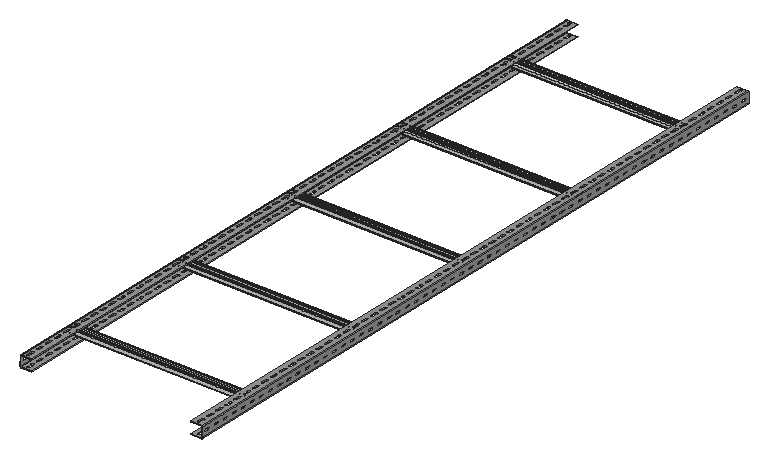
Revit family "steigeleiter_8_FT_FTSO_FTK_A2_A4.800rfa", category Generic Models, Revit 2017 (continued)
Dimensions and locks
  locked: Extrusion 321 sketch curve to Extrusion 321 sketch curve at 11
  locked: Extrusion 322 sketch curve to Extrusion 322 sketch curve at 11
  locked: Extrusion 323 sketch curve to Extrusion 323 sketch curve at 11
  locked: Extrusion 324 sketch curve to Extrusion 324 sketch curve at 11
  locked: Extrusion 325 sketch curve to Extrusion 325 sketch curve at 11
  locked: Extrusion 326 sketch curve to Extrusion 326 sketch curve at 11
  locked: Extrusion 327 sketch curve to Extrusion 327 sketch curve at 11
  locked: Extrusion 328 sketch curve to Extrusion 328 sketch curve at 11
  locked: Extrusion 329 sketch curve to Extrusion 329 sketch curve at 11
  locked: Extrusion 330 sketch curve to Extrusion 330 sketch curve at 11
  locked: Extrusion 331 sketch curve to Extrusion 331 sketch curve at 11
  locked: Extrusion 332 sketch curve to Extrusion 332 sketch curve at 11
  locked: Extrusion 333 sketch curve to Extrusion 333 sketch curve at 11
  locked: Extrusion 334 sketch curve to Extrusion 334 sketch curve at 11
  locked: Extrusion 335 sketch curve to Extrusion 335 sketch curve at 11
  locked: Extrusion 336 sketch curve to Extrusion 336 sketch curve at 11
  locked: Extrusion 337 sketch curve to Extrusion 337 sketch curve at 11
  locked: Extrusion 338 sketch curve to Extrusion 338 sketch curve at 11
  locked: Extrusion 339 sketch curve to Extrusion 339 sketch curve at 11
  locked: Extrusion 340 sketch curve to Extrusion 340 sketch curve at 11
  locked: Extrusion 341 sketch curve to Extrusion 341 sketch curve at 11
  locked: Extrusion 342 sketch curve to Extrusion 342 sketch curve at 11
  locked: Extrusion 343 sketch curve to Extrusion 343 sketch curve at 11
  locked: Extrusion 344 sketch curve to Extrusion 344 sketch curve at 11
  locked: Extrusion 345 sketch curve to Extrusion 345 sketch curve at 11
  locked: Extrusion 346 sketch curve to Extrusion 346 sketch curve at 11
  locked: Extrusion 347 sketch curve to Extrusion 347 sketch curve at 11
  locked: Extrusion 348 sketch curve to Extrusion 348 sketch curve at 11
  locked: Extrusion 349 sketch curve to Extrusion 349 sketch curve at 11
  locked: Extrusion 350 sketch curve to Extrusion 350 sketch curve at 11
  locked: Extrusion 351 sketch curve to Extrusion 351 sketch curve at 11
  locked: Extrusion 352 sketch curve to Extrusion 352 sketch curve at 11
  locked: Extrusion 353 sketch curve to Extrusion 353 sketch curve at 11
  locked: Extrusion 354 sketch curve to Extrusion 354 sketch curve at 11
  locked: Extrusion 355 sketch curve to Extrusion 355 sketch curve at 11
  locked: Extrusion 356 sketch curve to Extrusion 356 sketch curve at 11
  locked: Extrusion 357 sketch curve to Extrusion 357 sketch curve at 11
  locked: Extrusion 358 sketch curve to Extrusion 358 sketch curve at 11
  locked: Extrusion 359 sketch curve to Extrusion 359 sketch curve at 11
  locked: Extrusion 360 sketch curve to Extrusion 360 sketch curve at 11
  "Length 2": plane 1 "Center (Front/Back)" to plane 6
  locked: Extrusion 361 sketch curve to Extrusion 361 sketch curve at 2  (x5)
  locked: Extrusion 361 sketch curve to Extrusion 361 sketch curve at 15  (x2)
  Extrusion 361 sketch curve to cut or joined group 1 (Extrusion 1, Extrusion 2, Extrusion 3, Extrusion 4, Extrusion 5, Extrusion 6, Extrusion 7, Extrusion 8, Extrusion 9, Extrusion 10, Extrusion 11, Extrusion 12, Extrusion 13, Extrusion 14, Extrusion 15, Extrusion 16, Extrusion 17, Extrusion 18, Extrusion 19, Extrusion 20, Extrusion 21, Extrusion 22, Extrusion 23, Extrusion 24, Extrusion 25, Extrusion 26, Extrusion 27, Extrusion 28, Extrusion 29, Extrusion 30, Extrusion 31, Extrusion 32, Extrusion 33, Extrusion 34, Extrusion 35, Extrusion 36, Extrusion 37, Extrusion 38, Extrusion 39, Extrusion 40, Extrusion 41, Extrusion 42, Extrusion 43, Extrusion 44, Extrusion 45, Extrusion 46, Extrusion 47, Extrusion 48, Extrusion 49, Extrusion 50, Extrusion 51, Extrusion 52, Extrusion 53, Extrusion 54, Extrusion 55, Extrusion 56, Extrusion 57, Extrusion 58, Extrusion 59, Extrusion 60, Extrusion 61, Extrusion 62, Extrusion 63, Extrusion 64, Extrusion 65, Extrusion 66, Extrusion 67, Extrusion 68, Extrusion 69, Extrusion 70, Extrusion 71, Extrusion 72, Extrusion 73, Extrusion 74, Extrusion 75, Extrusion 76, Extrusion 77, Extrusion 78, Extrusion 79, Extrusion 80, Extrusion 81, Extrusion 82, Extrusion 83, Extrusion 84, Extrusion 85, Extrusion 86, Extrusion 87, Extrusion 88, Extrusion 89, Extrusion 90, Extrusion 91, Extrusion 92, Extrusion 93, Extrusion 94, Extrusion 95, Extrusion 96, Extrusion 97, Extrusion 98, Extrusion 99, Extrusion 100, Extrusion 101, Extrusion 102, Extrusion 103, Extrusion 104, Extrusion 105, Extrusion 106, Extrusion 107, Extrusion 108, Extrusion 109, Extrusion 110, Extrusion 111, Extrusion 112, Extrusion 113, Extrusion 114, Extrusion 115, Extrusion 116, Extrusion 117, Extrusion 118, Extrusion 119, Extrusion 120, Extrusion 121, Extrusion 122, Extrusion 123, Extrusion 124, Extrusion 125, Extrusion 126, Extrusion 127, Extrusion 128, Extrusion 129, Extrusion 130, Extrusion 131, Extrusion 132, Extrusion 133, Extrusion 134, Extrusion 135, Extrusion 136, Extrusion 137, Extrusion 138, Extrusion 139, Extrusion 140, Extrusion 141, Extrusion 142, Extrusion 143, Extrusion 144, Extrusion 145, Extrusion 146, Extrusion 147, Extrusion 148, Extrusion 149, Extrusion 150, Extrusion 151, Extrusion 152, Extrusion 153, Extrusion 154, Extrusion 155, Extrusion 156, Extrusion 157, Extrusion 158, Extrusion 159, Extrusion 160, Extrusion 161, Extrusion 162, Extrusion 163, Extrusion 164, Extrusion 165, Extrusion 166, Extrusion 167, Extrusion 168, Extrusion 169, Extrusion 170, Extrusion 171, Extrusion 172, Extrusion 173, Extrusion 174, Extrusion 175, Extrusion 176, Extrusion 177, Extrusion 178, Extrusion 179, Extrusion 180, Extrusion 181, Extrusion 182, Extrusion 183, Extrusion 184, Extrusion 185, Extrusion 186, Extrusion 187, Extrusion 188, Extrusion 189, Extrusion 190, Extrusion 191, Extrusion 192, Extrusion 193, Extrusion 194, Extrusion 195, Extrusion 196, Extrusion 197, Extrusion 198, Extrusion 199, Extrusion 200, Extrusion 201, Extrusion 202, Extrusion 203, Extrusion 204, Extrusion 205, Extrusion 206, Extrusion 207, Extrusion 208, Extrusion 209, Extrusion 210, Extrusion 211, Extrusion 212, Extrusion 213, Extrusion 214, Extrusion 215, Extrusion 216, Extrusion 217, Extrusion 218, Extrusion 219, Extrusion 220, Extrusion 221, Extrusion 222, Extrusion 223, Extrusion 224, Extrusion 225, Extrusion 226, Extrusion 227, Extrusion 228, Extrusion 229, Extrusion 230, Extrusion 231, Extrusion 232, Extrusion 233, Extrusion 234, Extrusion 235, Extrusion 236, Extrusion 237, Extrusion 238, Extrusion 239, Extrusion 240, Extrusion 241, Extrusion 242, Extrusion 243, Extrusion 244, Extrusion 245, Extrusion 246, Extrusion 247, Extrusion 248, Extrusion 249, Extrusion 250, Extrusion 251, Extrusion 252, Extrusion 253, Extrusion 254, Extrusion 255, Extrusion 256, Extrusion 257, Extrusion 258, Extrusion 259, Extrusion 260, Extrusion 261, Extrusion 262, Extrusion 263, Extrusion 264, Extrusion 265, Extrusion 266, Extrusion 267, Extrusion 268, Extrusion 269, Extrusion 270, Extrusion 271, Extrusion 272, Extrusion 273, Extrusion 274, Extrusion 275, Extrusion 276, Extrusion 277, Extrusion 278, Extrusion 279, Extrusion 280, Extrusion 281, Extrusion 282, Extrusion 283, Extrusion 284, Extrusion 285, Extrusion 286, Extrusion 287, Extrusion 288, Extrusion 289, Extrusion 290, Extrusion 291, Extrusion 292, Extrusion 293, Extrusion 294, Extrusion 295, Extrusion 296, Extrusion 297, Extrusion 298, Extrusion 299, Extrusion 300, Extrusion 301, Extrusion 302, Extrusion 303, Extrusion 304, Extrusion 305, Extrusion 306, Extrusion 307, Extrusion 308, Extrusion 309, Extrusion 310, Extrusion 311, Extrusion 312, Extrusion 313, Extrusion 314, Extrusion 315, Extrusion 316, Extrusion 317, Extrusion 318, Extrusion 319, Extrusion 320, Extrusion 321, Extrusion 322, Extrusion 323, Extrusion 324, Extrusion 325, Extrusion 326, Extrusion 327, Extrusion 328, Extrusion 329, Extrusion 330, Extrusion 331, Extrusion 332, Extrusion 333, Extrusion 334, Extrusion 335, Extrusion 336, Extrusion 337, Extrusion 338, Extrusion 339, Extrusion 340, Extrusion 341, Extrusion 342, Extrusion 343, Extrusion 344, Extrusion 345, Extrusion 346, Extrusion 347, Extrusion 348, Extrusion 349, Extrusion 350, Extrusion 351, Extrusion 352, Extrusion 353, Extrusion 354, Extrusion 355, Extrusion 356, Extrusion 357, Extrusion 358, Extrusion 359, Extrusion 360, Extrusion 366) = 20.5 mm
  Extrusion 361 sketch curve to cut or joined group 1 = 5.5 mm
  locked: Extrusion 361 sketch curve to Extrusion 361 sketch curve at 3.5  (x2)
  Extrusion 361 sketch curve to plane 6 = 18 mm
  locked: Extrusion 361 to cut or joined group 1 at 20.5
  locked: Extrusion 361 to Extrusion 361 at 15
  locked: Extrusion 361 sketch curve to Extrusion 361 sketch curve at 18
  locked: Extrusion 361 sketch curve to Extrusion 361 sketch curve at 7
  Extrusion 361 sketch curve to Extrusion 361 sketch curve = 7 mm
  Extrusion 361 sketch curve to Extrusion 361 sketch curve = 17 mm
  locked: Extrusion 362 sketch curve to Extrusion 362 sketch curve at 2  (x5)
  locked: Extrusion 362 sketch curve to Extrusion 362 sketch curve at 15  (x2)
  locked: Extrusion 362 sketch curve to Extrusion 362 sketch curve at 3.5  (x2)
  locked: Extrusion 362 to Extrusion 362 at 15
  locked: Extrusion 362 sketch curve to Extrusion 362 sketch curve at 18
  locked: Extrusion 362 sketch curve to Extrusion 362 sketch curve at 7
  Extrusion 362 sketch curve to Extrusion 362 sketch curve = 7 mm
  Extrusion 362 sketch curve to Extrusion 362 sketch curve = 17 mm
  locked: Extrusion 363 sketch curve to Extrusion 363 sketch curve at 2  (x5)
  locked: Extrusion 363 sketch curve to Extrusion 363 sketch curve at 15  (x2)
  locked: Extrusion 363 sketch curve to Extrusion 363 sketch curve at 3.5  (x2)
  locked: Extrusion 363 to Extrusion 363 at 15
  locked: Extrusion 363 sketch curve to Extrusion 363 sketch curve at 18
  locked: Extrusion 363 sketch curve to Extrusion 363 sketch curve at 7
  Extrusion 363 sketch curve to Extrusion 363 sketch curve = 7 mm
  Extrusion 363 sketch curve to Extrusion 363 sketch curve = 17 mm
  locked: Extrusion 364 sketch curve to Extrusion 364 sketch curve at 2  (x5)
  locked: Extrusion 364 sketch curve to Extrusion 364 sketch curve at 15  (x2)
  locked: Extrusion 364 sketch curve to Extrusion 364 sketch curve at 3.5  (x2)
  locked: Extrusion 364 to Extrusion 364 at 15
  locked: Extrusion 364 sketch curve to Extrusion 364 sketch curve at 18
  locked: Extrusion 364 sketch curve to Extrusion 364 sketch curve at 7
  Extrusion 364 sketch curve to Extrusion 364 sketch curve = 7 mm
  Extrusion 364 sketch curve to Extrusion 364 sketch curve = 17 mm
  locked: Extrusion 365 sketch curve to Extrusion 365 sketch curve at 2  (x5)
  locked: Extrusion 365 sketch curve to Extrusion 365 sketch curve at 15  (x2)
  locked: Extrusion 365 sketch curve to Extrusion 365 sketch curve at 3.5  (x2)
  locked: Extrusion 365 to Extrusion 365 at 15
  locked: Extrusion 365 sketch curve to Extrusion 365 sketch curve at 18
  locked: Extrusion 365 sketch curve to Extrusion 365 sketch curve at 7
  Extrusion 365 sketch curve to Extrusion 365 sketch curve = 7 mm
  Extrusion 365 sketch curve to Extrusion 365 sketch curve = 17 mm
  locked: Extrusion 366 sketch curve to Extrusion 366 sketch curve at 11
  group 364 to group 365 = 0 mm  (x2)
  group 364 to group 365 = 50 mm
  aligned and locked: level to plane 2
  aligned and locked: Extrusion 1 sketch curve to level
  aligned and locked: level to Extrusion 1 sketch curve
  aligned and locked: plane 5 to Extrusion 1
  aligned and locked: Extrusion 1 to level
  aligned and locked: Extrusion 1 to Extrusion 2  (x2)
  aligned and locked: cut or joined group 1 to cut or joined group of Extrusion 1, Extrusion 2, Extrusion 3, Extrusion 4, Extrusion 5, Extrusion 6, Extrusion 7, Extrusion 8, Extrusion 9, Extrusion 10, Extrusion 11, Extrusion 12, Extrusion 13, Extrusion 14, Extrusion 15, Extrusion 16, Extrusion 17, Extrusion 18, Extrusion 19, Extrusion 20, Extrusion 21, Extrusion 22, Extrusion 23, Extrusion 24, Extrusion 25, Extrusion 26, Extrusion 27, Extrusion 28, Extrusion 29, Extrusion 30, Extrusion 31, Extrusion 32, Extrusion 33, Extrusion 34, Extrusion 35, Extrusion 36, Extrusion 37, Extrusion 38, Extrusion 39, Extrusion 40, Extrusion 41, Extrusion 42, Extrusion 43, Extrusion 44, Extrusion 45, Extrusion 46, Extrusion 47, Extrusion 48, Extrusion 49, Extrusion 50, Extrusion 51, Extrusion 52, Extrusion 53, Extrusion 54, Extrusion 55, Extrusion 56, Extrusion 57, Extrusion 58, Extrusion 59, Extrusion 60, Extrusion 61, Extrusion 62, Extrusion 63, Extrusion 64, Extrusion 65, Extrusion 66, Extrusion 67, Extrusion 68, Extrusion 69, Extrusion 70, Extrusion 71, Extrusion 72, Extrusion 73, Extrusion 74, Extrusion 75, Extrusion 76, Extrusion 77, Extrusion 78, Extrusion 79, Extrusion 80, Extrusion 81, Extrusion 82, Extrusion 83, Extrusion 84, Extrusion 85, Extrusion 86, Extrusion 87, Extrusion 88, Extrusion 89, Extrusion 90, Extrusion 91, Extrusion 92, Extrusion 93, Extrusion 94, Extrusion 95, Extrusion 96, Extrusion 97, Extrusion 98, Extrusion 99, Extrusion 100, Extrusion 101, Extrusion 102, Extrusion 103, Extrusion 104, Extrusion 105, Extrusion 106, Extrusion 107, Extrusion 108, Extrusion 109, Extrusion 110, Extrusion 111, Extrusion 112, Extrusion 113, Extrusion 114, Extrusion 115, Extrusion 116, Extrusion 117, Extrusion 118, Extrusion 119, Extrusion 120, Extrusion 121, Extrusion 122, Extrusion 123, Extrusion 124, Extrusion 125, Extrusion 126, Extrusion 127, Extrusion 128, Extrusion 129, Extrusion 130, Extrusion 131, Extrusion 132, Extrusion 133, Extrusion 134, Extrusion 135, Extrusion 136, Extrusion 137, Extrusion 138, Extrusion 139, Extrusion 140, Extrusion 141, Extrusion 142, Extrusion 143, Extrusion 144, Extrusion 145, Extrusion 146, Extrusion 147, Extrusion 148, Extrusion 149, Extrusion 150, Extrusion 151, Extrusion 152, Extrusion 153, Extrusion 154, Extrusion 155, Extrusion 156, Extrusion 157, Extrusion 158, Extrusion 159, Extrusion 160, Extrusion 161, Extrusion 162, Extrusion 163, Extrusion 164, Extrusion 165, Extrusion 166, Extrusion 167, Extrusion 168, Extrusion 169, Extrusion 170, Extrusion 171, Extrusion 172, Extrusion 173, Extrusion 174, Extrusion 175, Extrusion 176, Extrusion 177, Extrusion 178, Extrusion 179, Extrusion 180, Extrusion 181, Extrusion 182, E
    xtrusion 183, Extrusion 184, Extrusion 185, Extrusion 186, Extrusion 187, Extrusion 188, Extrusion 189, Extrusion 190, Extrusion 191, Extrusion 192, Extrusion 193, Extrusion 194, Extrusion 195, Extrusion 196, Extrusion 197, Extrusion 198, Extrusion 199, Extrusion 200, Extrusion 201, Extrusion 202, Extrusion 203, Extrusion 204, Extrusion 205, Extrusion 206, Extrusion 207, Extrusion 208, Extrusion 209, Extrusion 210, Extrusion 211, Extrusion 212, Extrusion 213, Extrusion 214, Extrusion 215, Extrusion 216, Extrusion 217, Extrusion 218, Extrusion 219, Extrusion 220, Extrusion 221, Extrusion 222, Extrusion 223, Extrusion 224, Extrusion 225, Extrusion 226, Extrusion 227, Extrusion 228, Extrusion 229, Extrusion 230, Extrusion 231, Extrusion 232, Extrusion 233, Extrusion 234, Extrusion 235, Extrusion 236, Extrusion 237, Extrusion 238, Extrusion 239, Extrusion 240, Extrusion 241, Extrusion 242, Extrusion 243, Extrusion 244, Extrusion 245, Extrusion 246, Extrusion 247, Extrusion 248, Extrusion 249, Extrusion 250, Extrusion 251, Extrusion 252, Extrusion 253, Extrusion 254, Extrusion 255, Extrusion 256, Extrusion 257, Extrusion 258, Extrusion 259, Extrusion 260, Extrusion 261, Extrusion 262, Extrusion 263, Extrusion 264, Extrusion 265, Extrusion 266, Extrusion 267, Extrusion 268, Extrusion 269, Extrusion 270, Extrusion 271, Extrusion 272, Extrusion 273, Extrusion 274, Extrusion 275, Extrusion 276, Extrusion 277, Extrusion 278, Extrusion 279, Extrusion 280, Extrusion 281, Extrusion 282, Extrusion 283, Extrusion 284, Extrusion 285, Extrusion 286, Extrusion 287, Extrusion 288, Extrusion 289, Extrusion 290, Extrusion 291, Extrusion 292, Extrusion 293, Extrusion 294, Extrusion 295, Extrusion 296, Extrusion 297, Extrusion 298, Extrusion 299, Extrusion 300, Extrusion 301, Extrusion 302, Extrusion 303, Extrusion 304, Extrusion 305, Extrusion 306, Extrusion 307, Extrusion 308, Extrusion 309, Extrusion 310, Extrusion 311, Extrusion 312, Extrusion 313, Extrusion 314, Extrusion 315, Extrusion 316, Extrusion 317, Extrusion 318, Extrusion 319, Extrusion 320, Extrusion 321, Extrusion 322, Extrusion 323, Extrusion 324, Extrusion 325, Extrusion 326, Extrusion 327, Extrusion 328, Extrusion 329, Extrusion 330, Extrusion 331, Extrusion 332, Extrusion 333, Extrusion 334, Extrusion 335, Extrusion 336, Extrusion 337, Extrusion 338, Extrusion 339, Extrusion 340, Extrusion 341, Extrusion 342, Extrusion 343, Extrusion 344, Extrusion 345, Extrusion 346, Extrusion 347, Extrusion 348, Extrusion 349, Extrusion 350, Extrusion 351, Extrusion 352, Extrusion 353, Extrusion 354, Extrusion 355, Extrusion 356, Extrusion 357, Extrusion 358, Extrusion 359, Extrusion 360, Extrusion 366  (x10)
  aligned and locked: Extrusion 1 to Extrusion 62  (x2)
  aligned and locked: Extrusion 122 to level
  aligned and locked: Extrusion 1 to Extrusion 122
  aligned and locked: Extrusion 182 to level
  aligned and locked: Extrusion 361 sketch curve to Extrusion 361 sketch curve
  aligned and locked: Extrusion 361 to cut or joined group 1
  aligned and locked: cut or joined group 1 to Extrusion 361  (x2)
  aligned and locked: Extrusion 362 sketch curve to Extrusion 362 sketch curve
  aligned and locked: Extrusion 363 sketch curve to Extrusion 363 sketch curve
  aligned and locked: Extrusion 364 sketch curve to Extrusion 364 sketch curve
  aligned and locked: Extrusion 365 sketch curve to Extrusion 365 sketch curve
Automatic sketch dimensions
  Extrusion 1 sketch curve to Extrusion 1 sketch curve = 1.5 mm  (x3)
  Extrusion 1 sketch curve to Extrusion 1 sketch curve = 3.273 mm
  Extrusion 1 sketch curve to Extrusion 1 sketch curve = 1.011 mm
  Extrusion 1 sketch curve to Extrusion 1 sketch curve = 1.773 mm
  Extrusion 1 sketch curve to Extrusion 1 sketch curve = 0 mm  (x2)
  Extrusion 1 sketch curve to plane 3 "Center (Left/Right)" = 350 mm
  plane 3 "Center (Left/Right)" to Extrusion 1 sketch curve = 350 mm
  Extrusion 2 sketch curve to Extrusion 2 sketch curve = 19 mm
  Extrusion 3 sketch curve to Extrusion 3 sketch curve = 19 mm
  Extrusion 4 sketch curve to Extrusion 4 sketch curve = 19 mm
  Extrusion 5 sketch curve to Extrusion 5 sketch curve = 19 mm
  Extrusion 6 sketch curve to Extrusion 6 sketch curve = 19 mm
  Extrusion 7 sketch curve to Extrusion 7 sketch curve = 19 mm
  Extrusion 8 sketch curve to Extrusion 8 sketch curve = 19 mm
  Extrusion 9 sketch curve to Extrusion 9 sketch curve = 19 mm
  Extrusion 10 sketch curve to Extrusion 10 sketch curve = 19 mm
  Extrusion 11 sketch curve to Extrusion 11 sketch curve = 19 mm
  Extrusion 12 sketch curve to Extrusion 12 sketch curve = 19 mm
  Extrusion 13 sketch curve to Extrusion 13 sketch curve = 19 mm
  Extrusion 14 sketch curve to Extrusion 14 sketch curve = 19 mm
  Extrusion 15 sketch curve to Extrusion 15 sketch curve = 19 mm
  Extrusion 16 sketch curve to Extrusion 16 sketch curve = 19 mm
  Extrusion 17 sketch curve to Extrusion 17 sketch curve = 19 mm
  Extrusion 18 sketch curve to Extrusion 18 sketch curve = 19 mm
  Extrusion 19 sketch curve to Extrusion 19 sketch curve = 19 mm
  Extrusion 20 sketch curve to Extrusion 20 sketch curve = 19 mm
  Extrusion 21 sketch curve to Extrusion 21 sketch curve = 19 mm
  Extrusion 22 sketch curve to Extrusion 22 sketch curve = 19 mm
  Extrusion 23 sketch curve to Extrusion 23 sketch curve = 19 mm
  Extrusion 24 sketch curve to Extrusion 24 sketch curve = 19 mm
  Extrusion 25 sketch curve to Extrusion 25 sketch curve = 19 mm
  Extrusion 26 sketch curve to Extrusion 26 sketch curve = 19 mm
  Extrusion 27 sketch curve to Extrusion 27 sketch curve = 19 mm
  Extrusion 28 sketch curve to Extrusion 28 sketch curve = 19 mm
  Extrusion 29 sketch curve to Extrusion 29 sketch curve = 19 mm
  Extrusion 30 sketch curve to Extrusion 30 sketch curve = 19 mm
  Extrusion 31 sketch curve to Extrusion 31 sketch curve = 19 mm
  Extrusion 32 sketch curve to Extrusion 32 sketch curve = 19 mm
  Extrusion 33 sketch curve to Extrusion 33 sketch curve = 19 mm
  Extrusion 34 sketch curve to Extrusion 34 sketch curve = 19 mm
  Extrusion 35 sketch curve to Extrusion 35 sketch curve = 19 mm
  Extrusion 36 sketch curve to Extrusion 36 sketch curve = 19 mm
  Extrusion 37 sketch curve to Extrusion 37 sketch curve = 19 mm
  Extrusion 38 sketch curve to Extrusion 38 sketch curve = 19 mm
  Extrusion 39 sketch curve to Extrusion 39 sketch curve = 19 mm
  Extrusion 40 sketch curve to Extrusion 40 sketch curve = 19 mm
  Extrusion 41 sketch curve to Extrusion 41 sketch curve = 19 mm
  Extrusion 42 sketch curve to Extrusion 42 sketch curve = 19 mm
  Extrusion 43 sketch curve to Extrusion 43 sketch curve = 19 mm
  Extrusion 44 sketch curve to Extrusion 44 sketch curve = 19 mm
  Extrusion 45 sketch curve to Extrusion 45 sketch curve = 19 mm
  Extrusion 46 sketch curve to Extrusion 46 sketch curve = 19 mm
  Extrusion 47 sketch curve to Extrusion 47 sketch curve = 19 mm
  Extrusion 48 sketch curve to Extrusion 48 sketch curve = 19 mm
  Extrusion 49 sketch curve to Extrusion 49 sketch curve = 19 mm
  Extrusion 50 sketch curve to Extrusion 50 sketch curve = 19 mm
  Extrusion 51 sketch curve to Extrusion 51 sketch curve = 19 mm
  Extrusion 52 sketch curve to Extrusion 52 sketch curve = 19 mm
  Extrusion 53 sketch curve to Extrusion 53 sketch curve = 19 mm
  Extrusion 54 sketch curve to Extrusion 54 sketch curve = 19 mm
  Extrusion 55 sketch curve to Extrusion 55 sketch curve = 19 mm
  Extrusion 56 sketch curve to Extrusion 56 sketch curve = 19 mm
  Extrusion 57 sketch curve to Extrusion 57 sketch curve = 19 mm
  Extrusion 58 sketch curve to Extrusion 58 sketch curve = 19 mm
  Extrusion 59 sketch curve to Extrusion 59 sketch curve = 19 mm
  Extrusion 60 sketch curve to Extrusion 60 sketch curve = 19 mm
  Extrusion 61 sketch curve to Extrusion 61 sketch curve = 19 mm
  Extrusion 62 sketch curve to Extrusion 62 sketch curve = 19 mm
  Extrusion 63 sketch curve to Extrusion 63 sketch curve = 19 mm
  Extrusion 64 sketch curve to Extrusion 64 sketch curve = 19 mm
  Extrusion 65 sketch curve to Extrusion 65 sketch curve = 19 mm
  Extrusion 66 sketch curve to Extrusion 66 sketch curve = 19 mm
  Extrusion 67 sketch curve to Extrusion 67 sketch curve = 19 mm
  Extrusion 68 sketch curve to Extrusion 68 sketch curve = 19 mm
  Extrusion 69 sketch curve to Extrusion 69 sketch curve = 19 mm
  Extrusion 70 sketch curve to Extrusion 70 sketch curve = 19 mm
  Extrusion 71 sketch curve to Extrusion 71 sketch curve = 19 mm
  Extrusion 72 sketch curve to Extrusion 72 sketch curve = 19 mm
  Extrusion 73 sketch curve to Extrusion 73 sketch curve = 19 mm
  Extrusion 74 sketch curve to Extrusion 74 sketch curve = 19 mm
  Extrusion 75 sketch curve to Extrusion 75 sketch curve = 19 mm
  Extrusion 76 sketch curve to Extrusion 76 sketch curve = 19 mm
  Extrusion 77 sketch curve to Extrusion 77 sketch curve = 19 mm
  Extrusion 78 sketch curve to Extrusion 78 sketch curve = 19 mm
  Extrusion 79 sketch curve to Extrusion 79 sketch curve = 19 mm
  Extrusion 80 sketch curve to Extrusion 80 sketch curve = 19 mm
  Extrusion 81 sketch curve to Extrusion 81 sketch curve = 19 mm
  Extrusion 82 sketch curve to Extrusion 82 sketch curve = 19 mm
  Extrusion 83 sketch curve to Extrusion 83 sketch curve = 19 mm
  Extrusion 84 sketch curve to Extrusion 84 sketch curve = 19 mm
  Extrusion 85 sketch curve to Extrusion 85 sketch curve = 19 mm
  Extrusion 86 sketch curve to Extrusion 86 sketch curve = 19 mm
  Extrusion 87 sketch curve to Extrusion 87 sketch curve = 19 mm
  Extrusion 88 sketch curve to Extrusion 88 sketch curve = 19 mm
  Extrusion 89 sketch curve to Extrusion 89 sketch curve = 19 mm
  Extrusion 90 sketch curve to Extrusion 90 sketch curve = 19 mm
  Extrusion 91 sketch curve to Extrusion 91 sketch curve = 19 mm
  Extrusion 92 sketch curve to Extrusion 92 sketch curve = 19 mm
  Extrusion 93 sketch curve to Extrusion 93 sketch curve = 19 mm
  Extrusion 94 sketch curve to Extrusion 94 sketch curve = 19 mm
  Extrusion 95 sketch curve to Extrusion 95 sketch curve = 19 mm
  Extrusion 96 sketch curve to Extrusion 96 sketch curve = 19 mm
  Extrusion 97 sketch curve to Extrusion 97 sketch curve = 19 mm
  Extrusion 98 sketch curve to Extrusion 98 sketch curve = 19 mm
  Extrusion 99 sketch curve to Extrusion 99 sketch curve = 19 mm
  Extrusion 100 sketch curve to Extrusion 100 sketch curve = 19 mm
  Extrusion 101 sketch curve to Extrusion 101 sketch curve = 19 mm
  Extrusion 102 sketch curve to Extrusion 102 sketch curve = 19 mm
  Extrusion 103 sketch curve to Extrusion 103 sketch curve = 19 mm
  Extrusion 104 sketch curve to Extrusion 104 sketch curve = 19 mm
  Extrusion 105 sketch curve to Extrusion 105 sketch curve = 19 mm
  Extrusion 106 sketch curve to Extrusion 106 sketch curve = 19 mm
  Extrusion 107 sketch curve to Extrusion 107 sketch curve = 19 mm
  Extrusion 108 sketch curve to Extrusion 108 sketch curve = 19 mm
  Extrusion 109 sketch curve to Extrusion 109 sketch curve = 19 mm
  Extrusion 110 sketch curve to Extrusion 110 sketch curve = 19 mm
  Extrusion 111 sketch curve to Extrusion 111 sketch curve = 19 mm
  Extrusion 112 sketch curve to Extrusion 112 sketch curve = 19 mm
  Extrusion 113 sketch curve to Extrusion 113 sketch curve = 19 mm
  Extrusion 114 sketch curve to Extrusion 114 sketch curve = 19 mm
  Extrusion 115 sketch curve to Extrusion 115 sketch curve = 19 mm
  Extrusion 116 sketch curve to Extrusion 116 sketch curve = 19 mm
  Extrusion 117 sketch curve to Extrusion 117 sketch curve = 19 mm
  Extrusion 118 sketch curve to Extrusion 118 sketch curve = 19 mm
  Extrusion 119 sketch curve to Extrusion 119 sketch curve = 19 mm
  Extrusion 120 sketch curve to Extrusion 120 sketch curve = 19 mm
  Extrusion 121 sketch curve to Extrusion 121 sketch curve = 19 mm
  Extrusion 122 sketch curve to Extrusion 122 sketch curve = 19 mm
  Extrusion 123 sketch curve to Extrusion 123 sketch curve = 19 mm
  Extrusion 124 sketch curve to Extrusion 124 sketch curve = 19 mm
  Extrusion 125 sketch curve to Extrusion 125 sketch curve = 19 mm
  Extrusion 126 sketch curve to Extrusion 126 sketch curve = 19 mm
  Extrusion 127 sketch curve to Extrusion 127 sketch curve = 19 mm
  Extrusion 128 sketch curve to Extrusion 128 sketch curve = 19 mm
  Extrusion 129 sketch curve to Extrusion 129 sketch curve = 19 mm
  Extrusion 130 sketch curve to Extrusion 130 sketch curve = 19 mm
  Extrusion 131 sketch curve to Extrusion 131 sketch curve = 19 mm
  Extrusion 132 sketch curve to Extrusion 132 sketch curve = 19 mm
  Extrusion 133 sketch curve to Extrusion 133 sketch curve = 19 mm
  Extrusion 134 sketch curve to Extrusion 134 sketch curve = 19 mm
  Extrusion 135 sketch curve to Extrusion 135 sketch curve = 19 mm
  Extrusion 136 sketch curve to Extrusion 136 sketch curve = 19 mm
  Extrusion 137 sketch curve to Extrusion 137 sketch curve = 19 mm
  Extrusion 138 sketch curve to Extrusion 138 sketch curve = 19 mm
  Extrusion 139 sketch curve to Extrusion 139 sketch curve = 19 mm
  Extrusion 140 sketch curve to Extrusion 140 sketch curve = 19 mm
  Extrusion 141 sketch curve to Extrusion 141 sketch curve = 19 mm
  Extrusion 142 sketch curve to Extrusion 142 sketch curve = 19 mm
  Extrusion 143 sketch curve to Extrusion 143 sketch curve = 19 mm
  Extrusion 144 sketch curve to Extrusion 144 sketch curve = 19 mm
  Extrusion 145 sketch curve to Extrusion 145 sketch curve = 19 mm
  Extrusion 146 sketch curve to Extrusion 146 sketch curve = 19 mm
  Extrusion 147 sketch curve to Extrusion 147 sketch curve = 19 mm
  Extrusion 148 sketch curve to Extrusion 148 sketch curve = 19 mm
  Extrusion 149 sketch curve to Extrusion 149 sketch curve = 19 mm
  Extrusion 150 sketch curve to Extrusion 150 sketch curve = 19 mm
  Extrusion 151 sketch curve to Extrusion 151 sketch curve = 19 mm
  Extrusion 152 sketch curve to Extrusion 152 sketch curve = 19 mm
  Extrusion 153 sketch curve to Extrusion 153 sketch curve = 19 mm
  Extrusion 154 sketch curve to Extrusion 154 sketch curve = 19 mm
  Extrusion 155 sketch curve to Extrusion 155 sketch curve = 19 mm
  Extrusion 156 sketch curve to Extrusion 156 sketch curve = 19 mm
  Extrusion 157 sketch curve to Extrusion 157 sketch curve = 19 mm
  Extrusion 158 sketch curve to Extrusion 158 sketch curve = 19 mm
  Extrusion 159 sketch curve to Extrusion 159 sketch curve = 19 mm
  Extrusion 160 sketch curve to Extrusion 160 sketch curve = 19 mm
  Extrusion 161 sketch curve to Extrusion 161 sketch curve = 19 mm
  Extrusion 162 sketch curve to Extrusion 162 sketch curve = 19 mm
  Extrusion 163 sketch curve to Extrusion 163 sketch curve = 19 mm
  Extrusion 164 sketch curve to Extrusion 164 sketch curve = 19 mm
  Extrusion 165 sketch curve to Extrusion 165 sketch curve = 19 mm
  Extrusion 166 sketch curve to Extrusion 166 sketch curve = 19 mm
  Extrusion 167 sketch curve to Extrusion 167 sketch curve = 19 mm
  Extrusion 168 sketch curve to Extrusion 168 sketch curve = 19 mm
  Extrusion 169 sketch curve to Extrusion 169 sketch curve = 19 mm
  Extrusion 170 sketch curve to Extrusion 170 sketch curve = 19 mm
  Extrusion 171 sketch curve to Extrusion 171 sketch curve = 19 mm
  Extrusion 172 sketch curve to Extrusion 172 sketch curve = 19 mm
  Extrusion 173 sketch curve to Extrusion 173 sketch curve = 19 mm
  Extrusion 174 sketch curve to Extrusion 174 sketch curve = 19 mm
  Extrusion 175 sketch curve to Extrusion 175 sketch curve = 19 mm
  Extrusion 176 sketch curve to Extrusion 176 sketch curve = 19 mm
  Extrusion 177 sketch curve to Extrusion 177 sketch curve = 19 mm
  Extrusion 178 sketch curve to Extrusion 178 sketch curve = 19 mm
  Extrusion 179 sketch curve to Extrusion 179 sketch curve = 19 mm
  Extrusion 180 sketch curve to Extrusion 180 sketch curve = 19 mm
  Extrusion 181 sketch curve to Extrusion 181 sketch curve = 19 mm
  Extrusion 182 sketch curve to Extrusion 182 sketch curve = 19 mm
  Extrusion 183 sketch curve to Extrusion 183 sketch curve = 19 mm
  Extrusion 184 sketch curve to Extrusion 184 sketch curve = 19 mm
  Extrusion 185 sketch curve to Extrusion 185 sketch curve = 19 mm
  Extrusion 186 sketch curve to Extrusion 186 sketch curve = 19 mm
  Extrusion 187 sketch curve to Extrusion 187 sketch curve = 19 mm
  Extrusion 188 sketch curve to Extrusion 188 sketch curve = 19 mm
  Extrusion 189 sketch curve to Extrusion 189 sketch curve = 19 mm
  Extrusion 190 sketch curve to Extrusion 190 sketch curve = 19 mm
  Extrusion 191 sketch curve to Extrusion 191 sketch curve = 19 mm
  Extrusion 192 sketch curve to Extrusion 192 sketch curve = 19 mm
  Extrusion 193 sketch curve to Extrusion 193 sketch curve = 19 mm
  Extrusion 194 sketch curve to Extrusion 194 sketch curve = 19 mm
  Extrusion 195 sketch curve to Extrusion 195 sketch curve = 19 mm
  Extrusion 196 sketch curve to Extrusion 196 sketch curve = 19 mm
  Extrusion 197 sketch curve to Extrusion 197 sketch curve = 19 mm
  Extrusion 198 sketch curve to Extrusion 198 sketch curve = 19 mm
  Extrusion 199 sketch curve to Extrusion 199 sketch curve = 19 mm
  Extrusion 200 sketch curve to Extrusion 200 sketch curve = 19 mm
  Extrusion 201 sketch curve to Extrusion 201 sketch curve = 19 mm
  Extrusion 202 sketch curve to Extrusion 202 sketch curve = 19 mm
  Extrusion 203 sketch curve to Extrusion 203 sketch curve = 19 mm
